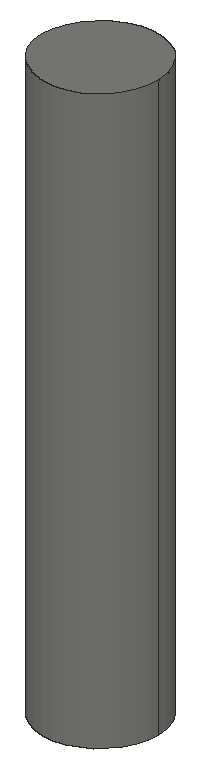
Revit family "Concrete - Round (column)", category Structural Columns, Revit 2018
Family settings
  Display in Hidden Views = Edges Hidden by Other Members
  Section Shape = Not Defined
  Material for Model Behavior = Concrete
  Always export as geometry = No
  Beam cutback in plan = From geometry
  Cut with Voids When Loaded = No
  Symbolic Representation = From Family
  Shared = No
  Show family pre-cut in plan views = Yes
Parameters
  d = 200 mm
  Structural Material = Concrete
  Creator Organization [instance] = "© Danish Educational Content"  # constant formula
  Creator Name [instance] = "© Erik Falck Jørgensen"  # constant formula
  Creator Build [instance] = "2017.0420.0"  # constant formula
Reference planes
  plane 1 "Center (Front/Back)": y = 0
  plane 2: z = 0
  plane 3 "Center (Left/Right)": x = 0
  plane 4: x = -100
  plane 5: x = 100
  plane 6: y = 100
  plane 7: y = -100
Forms (mm)
  Extrusion 1, solid, material "Concrete" <- "Structural Material"
    sketch origin (0, 0, 0) x (1, 0, 0) y (0, 1, 0)
      loop
        circle (0, 0) r 100
    from 0 to 1000
Dimensions and locks
  equal spacing: plane 4, plane 3 "Center (Left/Right)", plane 5
  equal spacing: plane 7, plane 1 "Center (Front/Back)", plane 6
  "d": plane 7 to plane 6
  "d": plane 4 to plane 5
  aligned and locked: level to Extrusion 1
  aligned and locked: level to plane 2
  aligned and locked: Extrusion 1 to plane 2
Automatic sketch dimensions
  Extrusion 1 sketch curve to plane 1 "Center (Front/Back)" = 0 mm
  Extrusion 1 sketch curve to plane 4 = 0 mm
  Extrusion 1 sketch curve to plane 3 "Center (Left/Right)" = 0 mm
Types in the file's own list only (14): name | d
  180 mm | 180 mm
  200 mm | 200 mm
  225 mm | 225 mm
  250 mm | 250 mm
  280 mm | 280 mm
  300 mm | 300 mm
  320 mm | 320 mm
  350 mm | 350 mm
  360 mm | 360 mm
  400 mm | 400 mm
  450 mm | 450 mm
  500 mm | 500 mm
  600 mm | 600 mm
  750 mm | 750 mm
